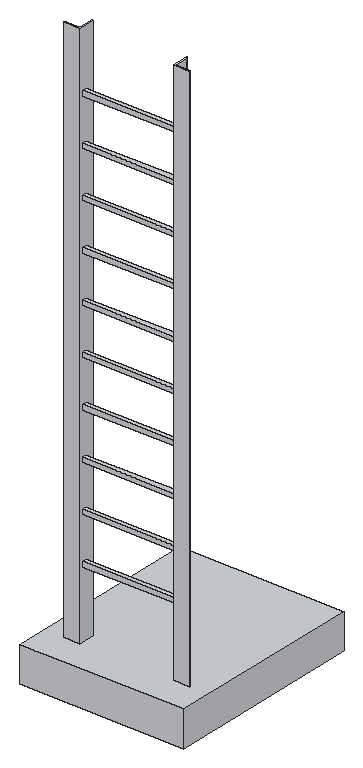
Revit family "Non-Caged Ladder", category Generic Models, host Wall, Revit 2023
Family settings
  Host = Wall
  Can host rebar = No
  Round Connector Dimension = Use Diameter
  Part Type = Normal
  Always vertical = Yes
  Cut with Voids When Loaded = No
  Maintain Annotation Orientation = No
  Shared = No
  Room Calculation Point = No
Parameters (values of type "H_GM_AR_S08_Non Caged Ladder_Bracket Set 150_H1250")
  ld_total height [instance] = 2500 mm
  ld_rung size [instance] = 20 mm
  ld_rung posi_hori = 19.3 mm
  ld_rung dist_first [instance] = 300 mm
  ld_pad width [instance] = 700 mm
  ld_pad to mf center = 150 mm
  ld_pad length [instance] = 850 mm
  ld_pad height [instance] = 150 mm
  ld_main distance [instance] = 400 mm
  ld_dist_to wall = 350 mm
  ld_dist_mf edge to pad edge = 115 mm
  c1_material [instance] = none
  ld_rung spacing [instance] = 200 mm
  ld_number of rungs [instance] = (ld_total height - ld_pad height - ld_rung dist_first) / ld_rung spacing  # 10
  Default Elevation = 0 mm
Types (2): name
  H_GM_AR_S08_Non Caged Ladder_Bracket Set 150_H1250
  H_GM_AR_S08_Non Caged Ladder_Bracket Set 150_H5000
Reference planes
  plane 1 "Wall": y = 0
  plane 2 "Center (Left/Right)": x = 125
  plane 3 "Back": y = 75
  plane 4: x = 325
  plane 5: x = -75
  plane 6: y = 350
  plane 7: x = -225
  plane 8: y = 1069.3
  plane 9: x = 475
  plane 10: y = 219.3
  plane 11: z = 150
  plane 12: z = 450
  plane 13: y = 369.3
  plane 14: z = 2500
Forms (mm)
  Extrusion 1, solid, material <- "c1_material"
    sketch origin (232.939, 1043.776, 0) x (1, 0, 0) y (0, 1, 0)
      loop
        line (-457.939, 25.524) -> (-457.939, -824.476) -> (242.061, -824.476) -> (242.061, 25.524) -> (-457.939, 25.524)
    from 0 to 150
Text (mm)
  text "Placement Side" at (-1848.837, 1116.779, 0), in view "Ref. Level"
  text "Placement side" at (0, 1409.804, 2854.306), in view "Left"
  text "Placement side" at (0, 499.811, 2980.732), in view "Right"
Dimensions and locks
  locked: plane 3 "Back" to host wall
  equal spacing: plane 5, plane 2 "Center (Left/Right)", plane 4  (x2)
  "ld_main distance": plane 5 to plane 4
  equal spacing: plane 7, plane 2 "Center (Left/Right)", plane 9
  "ld_pad length": plane 8 to plane 10
  "ld_pad height": level to plane 11
  "ld_dist_to wall": plane 1 "Wall" to plane 6
  "ld_rung posi_hori": plane 13 to plane 6
  "ld_pad to mf center": plane 13 to plane 10
  "ld_total height": level to plane 14
  "ld_rung dist_first": plane 11 to plane 12
  equal spacing: group 10, group 9, group 8, group 7, group 6, group 5, group 4, group 3, group 2, group 1
  equal spacing: group 1, group 2, group 3, group 4, group 5, group 6, group 7, group 8, group 9, group 10  (x2)
  "ld_rung spacing": plane 12 to nested 3
  "ld_pad width": plane 7 to plane 9
  aligned and locked: plane 1 "Wall" to host wall
  aligned and locked: Extrusion 1 to plane 10
  aligned and locked: plane 8 to Extrusion 1
  aligned and locked: plane 11 to Extrusion 1
  aligned and locked: plane 11 to nested 1
  aligned and locked: plane 14 to nested 1
  aligned and locked: nested 1 to plane 13
  aligned and locked: nested 2 to plane 13
  aligned and locked: plane 12 to nested 2
  aligned and locked: plane 2 "Center (Left/Right)" to nested 2
  aligned and locked: plane 4 to nested 1  (x2)
  aligned and locked: Extrusion 1 to plane 7  (x2)
  aligned and locked: plane 9 to Extrusion 1  (x2)
  aligned and locked: nested 1 to plane 4  (x2)
  aligned and locked: plane 6 to nested 1
  aligned and locked: plane 5 to nested 2  (x2)
  aligned and locked: nested 2 to plane 4  (x2)
  aligned and locked: plane 4 to nested 2
  aligned and locked: nested 2 to plane 5
  aligned and locked: plane 5 to nested 11
  aligned and locked: nested 11 to plane 13
  aligned and locked: Extrusion 1 sketch curve to plane 8
  aligned and locked: plane 10 to Extrusion 1 sketch curve
  aligned and locked: plane 7 to Extrusion 1 sketch curve
  aligned and locked: Extrusion 1 sketch curve to plane 9
  aligned and locked: plane 5 to nested 12
  aligned and locked: nested 12 to plane 14
  aligned and locked: nested 12 to plane 11
Nested families
  nested 1: "L-각도" at (344.3, 369.3, 1254.441) x (0, 0, 1) z (-1, 0, 0), type "L70X70X6"
    with built-in parameter 1005500 (empty or 0), built-in parameter 1001375 1500 mm, k 10 mm, W 0.062566, b 70 mm, d 70 mm, t 6 mm, x 19.3 mm, y 19.3 mm, A 0.0008127 m²
  nested 2: "ld_square rung" at (125, 369.3, 450), ld_rung width <- "ld_main distance", ld_rung size <- "ld_rung size", type "ld_square rung"
    with ld_rung width 400 mm, ld_rung size 20 mm
  nested 3: "ld_square rung" at (125, 369.3, 650), ld_rung width <- "ld_main distance", ld_rung size <- "ld_rung size", type "ld_square rung"
    with ld_rung width 400 mm, ld_rung size 20 mm
  nested 4: "ld_square rung" at (125, 369.3, 850), ld_rung width <- "ld_main distance", ld_rung size <- "ld_rung size", type "ld_square rung"
    with ld_rung width 400 mm, ld_rung size 20 mm
  nested 5: "ld_square rung" at (125, 369.3, 1050), ld_rung width <- "ld_main distance", ld_rung size <- "ld_rung size", type "ld_square rung"
    with ld_rung width 400 mm, ld_rung size 20 mm
  nested 6: "ld_square rung" at (125, 369.3, 1250), ld_rung width <- "ld_main distance", ld_rung size <- "ld_rung size", type "ld_square rung"
    with ld_rung width 400 mm, ld_rung size 20 mm
  nested 7: "ld_square rung" at (125, 369.3, 1450), ld_rung width <- "ld_main distance", ld_rung size <- "ld_rung size", type "ld_square rung"
    with ld_rung width 400 mm, ld_rung size 20 mm
  nested 8: "ld_square rung" at (125, 369.3, 1650), ld_rung width <- "ld_main distance", ld_rung size <- "ld_rung size", type "ld_square rung"
    with ld_rung width 400 mm, ld_rung size 20 mm
  nested 9: "ld_square rung" at (125, 369.3, 1850), ld_rung width <- "ld_main distance", ld_rung size <- "ld_rung size", type "ld_square rung"
    with ld_rung width 400 mm, ld_rung size 20 mm
  nested 10: "ld_square rung" at (125, 369.3, 2050), ld_rung width <- "ld_main distance", ld_rung size <- "ld_rung size", type "ld_square rung"
    with ld_rung width 400 mm, ld_rung size 20 mm
  nested 11: "ld_square rung" at (125, 369.3, 2250), ld_rung width <- "ld_main distance", ld_rung size <- "ld_rung size", type "ld_square rung"
    with ld_rung width 400 mm, ld_rung size 20 mm
  nested 12: "L-각도" at (-94.3, 369.3, 1254.441) x (0, 0, 1) z (1, 0, 0), type "L70X70X6"
    with built-in parameter 1005500 (empty or 0), built-in parameter 1001375 1500 mm, k 10 mm, W 0.062566, b 70 mm, d 70 mm, t 6 mm, x 19.3 mm, y 19.3 mm, A 0.0008127 m²
Definition of nested family "L-각도"
  Parameters (values of type "L100X100X7")
    k = 12 mm
    W = 0.10493
    Structural Material [instance] = none
    Length [instance] = 1500 mm
    b = 100 mm
    d = 100 mm
    t = 7 mm
    x = 27.1 mm
    y = 27.1 mm
    A = 0.001 m²
  Reference planes
    plane 1 "중심(앞/뒤)": y = 0
    plane 2: z = 0
    plane 3 "중심(왼쪽/오른쪽)": x = 4.61
    plane 4 "왼쪽 부재": x = -604.99
    plane 5 "오른쪽 부재": x = 614.21
    plane 6: y = 27.1
    plane 7: y = -72.9
    plane 8 "상단": z = 27.1
    plane 9: z = -72.9
    plane 10 "왼쪽": x = -757.39
    plane 11 "오른쪽": x = 742.61
  Forms (mm)
    Sweep 1, solid, material <- "Structural Material", detail levels medium
      path origin (0, 0, 0) x (1, 0, 0) y (0, 1, 0)
        loop
          line (614.21, 0) -> (-604.99, 0)
      profile "M_L-각도-프로파일-중간 : M_L-각도-프로파일-중간" origin (4.61, 0, 0) x (0, -1, 0) y (0, 0, 1)
        loop
          line (-27.1, -72.9) -> (-20.1, -72.9) -> (-20.1, 20.1) -> (72.9, 20.1) -> (72.9, 27.1) -> (-27.1, 27.1) -> (-27.1, -72.9)
    Sweep 2, solid, material <- "Structural Material", detail levels fine
      path origin (0, 0, 0) x (1, 0, 0) y (0, 1, 0)
        loop
          line (614.21, 0) -> (-604.99, 0)
      profile "M_L-각도-프로파일-높은 상세 : M_L-각도-프로파일-높은 상세" origin (4.61, 0, 0) x (0, -1, 0) y (0, 0, 1)
        loop
          arc (-27.1, -72.9) -> (-22.15, -70.85) -> (-20.1, -65.9) r 7
          line (-20.1, -65.9) -> (-20.1, 13.1)
          arc (-20.1, 13.1) -> (-18.05, 18.05) -> (-13.1, 20.1) r 7
          line (-13.1, 20.1) -> (65.9, 20.1)
          arc (65.9, 20.1) -> (70.85, 22.15) -> (72.9, 27.1) r 7
          line (72.9, 27.1) -> (-27.1, 27.1) -> (-27.1, -72.9)
  Lines and regions (mm)
    symbolic lines, detail levels medium+fine
      curve 1: line (-604.99, 0, 14.1) -> (614.21, 0, 14.1)
      curve 2: line (-604.99, 20.1, 0) -> (614.21, 20.1, 0)
    symbolic lines, detail levels coarse
      curve 3: line (4.61, 27.1, 27.1) -> (4.61, -72.9, 27.1)
      curve 4: line (4.61, 27.1, -72.9) -> (4.61, 27.1, 27.1)
  Dimensions and locks
    "b": plane 6 to plane 7
    "d": plane 9 to plane 8 "상단"
    "x": plane 6 to plane 1 "중심(앞/뒤)"
    "y": plane 8 "상단" to plane 2
    "Length": plane 10 "왼쪽" to plane 11 "오른쪽"
    "t": plane 6 to curve 2
    aligned and locked: Sweep 1 sketch curve to plane 1 "중심(앞/뒤)"
    aligned and locked: Sweep 2 sketch curve to plane 1 "중심(앞/뒤)"
    aligned and locked: Sweep 1 to curve 3
    aligned and locked: curve 4 to Sweep 1
    aligned and locked: curve 3 to Sweep 2
    aligned and locked: curve 4 to Sweep 2
    aligned and locked: plane 4 "왼쪽 부재" to Sweep 1 sketch curve
    aligned and locked: plane 5 "오른쪽 부재" to Sweep 1 sketch curve
    aligned and locked: plane 4 "왼쪽 부재" to Sweep 2 sketch curve
    aligned and locked: plane 5 "오른쪽 부재" to Sweep 2 sketch curve
    aligned and locked: plane 4 "왼쪽 부재" to curve 1
    aligned and locked: plane 5 "오른쪽 부재" to curve 1
    aligned and locked: plane 4 "왼쪽 부재" to curve 2
    aligned and locked: plane 5 "오른쪽 부재" to curve 2
  Automatic sketch dimensions
    plane 8 "상단" to curve 1 = 13 mm
Definition of nested family "ld_square rung"
  Parameters (values of type "ld_square rung")
    ld_rung width [instance] = 400 mm
    ld_rung size [instance] = 20 mm
    Default Elevation = 0 mm
  Reference planes
    plane 1 "Center (Front/Back)": y = 0
    plane 2: z = 0
    plane 3 "Center (Left/Right)": x = 0
    plane 4: y = -10
    plane 5: y = 10
    plane 6: z = 0
    plane 7: z = 10
    plane 8: z = -10
    plane 9: x = -200
    plane 10: x = 200
  Forms (mm)
    Extrusion 1, solid
      sketch origin (0, 0, 0) x (0, 1, 0) y (0, 0, 1)
        loop
          line (-10, 10) -> (-10, -10) -> (10, -10) -> (10, 10) -> (-10, 10)
      from -200 to 200
  Dimensions and locks
    equal spacing: plane 9, plane 3 "Center (Left/Right)", plane 10
    "ld_rung width": plane 9 to plane 10
    equal spacing: plane 4, plane 1 "Center (Front/Back)", plane 5
    equal spacing: plane 7, level, plane 8
    "ld_rung size": plane 7 to plane 8
    "ld_rung size": plane 4 to plane 5
    aligned and locked: level to plane 2
    aligned and locked: Extrusion 1 sketch curve to plane 7
    aligned and locked: plane 8 to Extrusion 1 sketch curve
    aligned and locked: plane 5 to Extrusion 1 sketch curve
    aligned and locked: Extrusion 1 sketch curve to plane 4
    aligned and locked: plane 9 to Extrusion 1
    aligned and locked: plane 10 to Extrusion 1
    aligned and locked: Extrusion 1 to plane 9
    aligned and locked: Extrusion 1 to plane 10
